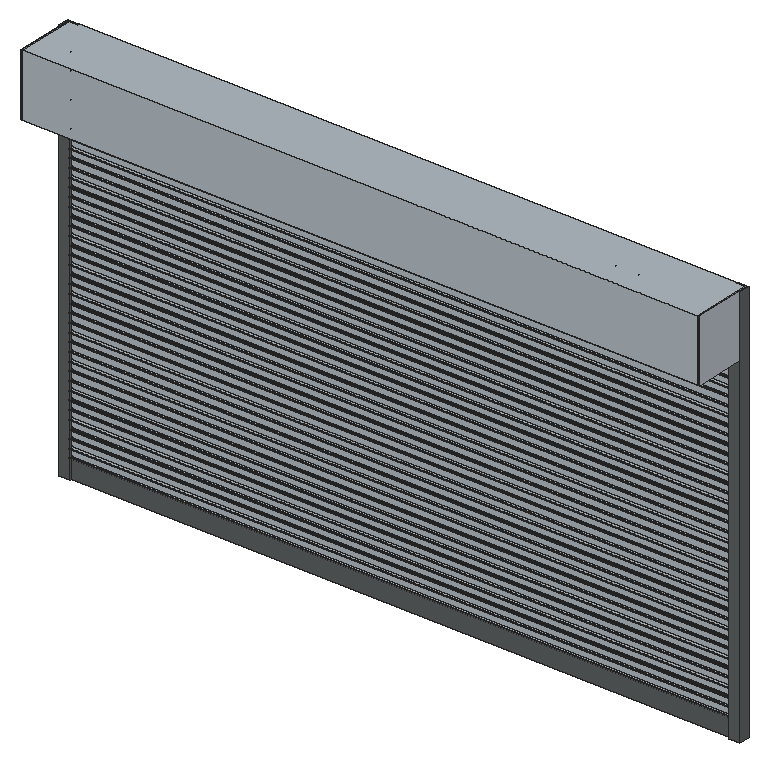
Revit family "Doors_Fire-Doors-Shutters_Wayne-Dalton_Fire-Rated-Counter-Shutters-FireStar-Model-540", category Specialty Equipment, host Wall, Revit 2026
Family settings
  Host = Wall
  Round Connector Dimension = Use Diameter
  Part Type = Normal
  Classification Number = 23.30.10.21.34
  Enable Cutting in Views = No
  Always vertical = Yes
  Cut with Voids When Loaded = Yes
  Maintain Annotation Orientation = No
  Shared = No
  Room Calculation Point = No
Parameters (values of type "‏​Manual push-up")
  Width Count [instance] = if(Aluminum Check, if(or(Crank, Manual), if(Opening Width < 121", 10, 16), if(Opening Width < 121", 10, if(Opening Width < 193", 16, 20))), if(Opening Width < 121", 10, 16))  # 10
  Warning Sign [instance] = if(or(Hood Warning, Calculated Area > 683.00 SF), 1 = 1, 1 = 2)  # no
  Warning (Note) [instance] = if(Warning Sign, "The Door Area is out of the limit; please adjust accordingly. The maximum allowed area is 683 sq. ft.", if(Hood Warning, "Headroom Clearance Dimensions - out of the limits. Consult Factory", " "))  # " "
  Wall Thickness [instance] = 6"
  Voltage = 0 V
  True Opening Width [instance] = if(Between Jambs Mounting, Door Width True, Clear Width)  # 120"
  True Opening Height [instance] = if(Between Jambs Mounting, Clear Height + Headroom Height, Clear Height)  # 60"
  Slat Type [instance] = "№17"  # constant formula
  Slat Length [instance] = Clear Width + Setback  # 122 1/2"
  Slat Height [instance] = if(Slat Selection < 3, 11 51/256", 10 1/2")  # 11 51/256"
  Slat Center Offset [instance] = 1 7/16"  # constant formula
  Slat Selection [instance] = 1  # constant formula
  Side Room Right [instance] = if(Electric Operator, 8", if(Crank, 5", 3"))  # 3"
  Side Room Left [instance] = 3"  # constant formula
  Setback [instance] = if(Between Jambs Mounting, 1 3/4", 1 3/4" + 3/4")  # 2 1/2"
  Product Page URL = "https://www.wayne-dalton.com/fire-counter-shutter-540-550"
  Power Factor = 1
  Powder Coat (Note) = "Wayne Dalton also offers approximately 200 RAL powder coat options to complement the exterior colors of a building."  # constant formula
  Operator Visibility = no
  Operation (Note) [instance] = "Standard door operation is manual push-up. Door could also operate by crank, electrical operator or chain hoist. Manual push up and crank could be used up to 80 sf."  # constant formula
  Opening Width Real [instance] = if(Opening Width > Max Opening Width, Max Opening Width, if(Opening Width < Min Opening Width, Min Opening Width, Opening Width))  # 120"
  Opening Width [instance] = 120"
  Opening Height Real [instance] = if(Opening Height > Max Opening Height, Max Opening Height, if(Opening Height < Min Opening Height, Min Opening Height, Opening Height))  # 60"
  Opening Height [instance] = 60"
  One Array element [instance] = not(Array Vis)  # no
  Number of Poles = 1
  Motor Type [instance] = "GCX Electric Operator"  # constant formula
  Motor Selection (Note) [instance] = "Generic operator shown. Contact Wayne Dalton when dimensions are critical. "  # constant formula
  Motor Position [instance] = Headplate Offset  # 2 5/8"
  Motor Option Real [instance] = 1  # constant formula
  Min Opening Width [instance] = 40"  # constant formula
  Min Opening Height [instance] = 40"  # constant formula
  Max Opening Width [instance] = 192"  # constant formula
  Max Opening Height [instance] = 108"  # constant formula
  Material Finish [instance] = 540 : Steel - Gray
  Lookup Table = "Hood Dimensions"  # constant formula
  Lookup BD [instance] = size_lookup(Lookup Table, if(Manual, "YM", if(Crank, "YC", "YE")), 10", Width Count, Height Count, if(Aluminum Check, 1, 0))  # 11 1/8"
  Jambs Offset 2 [instance] = if(Between Jambs Mounting, Guide Width 2, 0")  # 0"
  Jamb Offset 1 [instance] = if(Between Jambs Mounting, Guide Width 1, 0")  # 0"
  Installation Real [instance] = if(Between Jambs Mounting, Installation Limits, Wall Thickness)  # 6"
  Installation Offset [instance] = 0"
  Installation Limits [instance] = if(Installation Offset < 0", 0", if(Installation Offset > Wall Thickness - Guide Depth, Wall Thickness - Guide Depth, Installation Offset))  # 0"
  Hood Warning [instance] = size_lookup(Lookup Table, if(Manual, "WM", if(Crank, "WC", "WE")), 0, Width Count, Height Count, if(Aluminum Check, 1, 0)) = 1  # no
  Hood Type [instance] = "Square Hood"  # constant formula
  Hood Option [instance] = 2  # constant formula
  Hood Offset [instance] = 3"  # constant formula
  Hood Material [instance] = Metal - Wayne Dalton - Gray
  Hood Height [instance] = Headroom Height Real - Hood Offset  # 11 1/2"
  Lookup HH [instance] = size_lookup(Lookup Table, if(Manual, "XM", if(Crank, "XC", "XE")), 10", Width Count, Height Count, if(Aluminum Check, 1, 0))  # 11 1/2"
  Height Count [instance] = if(Opening Height < 49", 4, if(Opening Height < 61", 5, if(Opening Height < 73", 6, 7)))  # 5
  Headroom Height Real [instance] = Lookup HH + Hood Offset  # 14 1/2"
  Headroom Height [instance] = Headroom Height Real  # 14 1/2"
  Headplate Offset [instance] = if(Between Jambs Mounting, 2" - 1/8", 2" - 1/8" + 3/4")  # 2 5/8"
  Guide Type [instance] = if(Between Jambs Mounting, "Between Jambs Rolled Steel", "Face of Wall Rolled Steel")  # "Face of Wall Rolled Steel"
  Guide Width 2 [instance] = if(Between Jambs Mounting, Side Room Left, 2 3/4")  # 2 3/4"
  Guide Width 1 [instance] = if(Between Jambs Mounting, Side Room Right, 2 3/4")  # 2 3/4"
  Guide Depth [instance] = 2"  # constant formula
  Frequency = 0 Hz
  Floor To CL shaft [instance] = Clear Height + Hood Height / 2 + Hood Offset  # 68 3/4"
  Face of Wall Offset [instance] = if(Between Jambs Mounting, 0", 5")  # 5"
  Face Of Wall Mounting [instance] = not(Between Jambs Mounting)  # yes
  Electric Operator = no
  Door Width True [instance] = if(Between Jambs Mounting, Clear Width + Guide Width 1 + Guide Width 2, Clear Width)  # 120"
  Door Width (Real) [instance] = if(Between Jambs Mounting, Clear Width, Clear Width + Setback * 2)  # 125"
  Door Height True [instance] = Clear Width + Headroom Height  # 134 1/2"
  Door Height (Real) [instance] = Clear Height + Hood Offset  # 63"
  URL = "https://www.wayne-dalton.com/"
  Product data url = "https://www.bimobject.com/wayne-dalton/product/fire-rated-counter-shutters-firestar-model-540"
  Product Guid = "1921f86f-db44-4d7a-8f35-b5c0a0cfdcec"
  Model = "540"  # constant formula
  Manufacturer = "Wayne Dalton"  # constant formula
  Wall Closure = By host
  Floor To (CL) of Shaft [instance] = Clear Height + Hood Height / 2 + Hood Offset + Default Elevation Height + Countertop Thickness Real  # 104 3/4"
  Finish Material = Finish - Wayne Dalton - Black
  Description = "Firestar Model 540 Fire Rated Counter Shutter"  # constant formula
  Default Elevation Height [instance] = 36"
  Default Elevation = 0"
  Crank = no
  Countertop Thickness Real [instance] = if(Countertop Thickness < 0", 0", if(Countertop Thickness > 12", 12", Countertop Thickness))  # 0"
  Countertop Thickness [instance] = 0"
  Clearance [instance] = no
  Clear Width [instance] = if(Between Jambs Mounting, Opening Width Real - Guide Width 2 - Guide Width 1, Opening Width Real)  # 120"
  Clear Height [instance] = if(Between Jambs Mounting, Opening Height Real - Headroom Height, Opening Height Real)  # 60"
  Manual = yes
  Current = 0 A
  Between Jambs Mounting [instance] = no
  Backroom Depth [instance] = Lookup BD  # 11 1/8"
  BJ Opening Cut [instance] = if(Between Jambs Mounting, Headroom Height, 0")  # 0"
  Array Vis [instance] = if(Array < 2, 1 = 2, 1 = 1)  # yes
  Array Real [instance] = if(Array < 2, 2, Array)  # 6
  Array Length [instance] = (Array) * Slat Height  # 67 25/128"
  Array [instance] = rounddown(([Door Height (Real)] - 3 1/2") / Slat Height) + 1  # 6
  Calculated Area [instance] = [Door Width (Real)] * [Door Height (Real)]  # 54.6875 SF
  Apparent Load Phase 3 = if(Number of Poles = 1, 0 VA, (Voltage * Current * sqrt(3)) / 3)  # 0 VA
  Apparent Load Phase 2 = if(Number of Poles = 1, 0 VA, (Voltage * Current * sqrt(3)) / 3)  # 0 VA
  Apparent Load Phase 1 = if(Number of Poles = 1, Voltage * Current, (Voltage * Current * sqrt(3)) / 3)  # 0 VA
  Aluminum Check [instance] = 1 = 2  # no
Reference planes (in)
  plane 1 "Center (Front/Back)": y = -14.625
  plane 2 "Center (Left/Right)": x = 0
  plane 3 "Left": x = -60
  plane 4 "Right": x = 60
  plane 5 "Exterior": y = -8.625
  plane 6 "Interior": y = -14.625
  plane 7: z = 96
  plane 8 "Backroom Depth": y = -25.75
  plane 9 "Bottom Bar": z = 39.5
  plane 10: z = 106.69531
  plane 11: z = 110.5
  plane 12: z = 99
  plane 13: z = 0
  plane 14: z = 66
  plane 15: y = -16.3125
  plane 16: y = 18.375
  plane 17: y = -41.625
  plane 18 "Headroom Top": z = 110.5
  plane 19: z = 104.75
  plane 20: z = 95.49609
  plane 21: z = 36
  plane 22: x = 62.75
  plane 23: x = -62.75
  plane 24: y = -16.0625
  plane 25: x = 62.625
  plane 26: z = 36
  plane 27: y = -16.3125
  plane 28: z = 39.5
  plane 29: y = -16.3125
  plane 30: z = 95.49609
  plane 31: y = -16.3125
  plane 32: z = 50.69922
  plane 33: y = -16.3125
  plane 34: z = 61.89844
  plane 35: y = -16.3125
  plane 36: z = 73.09766
  plane 37: y = -16.3125
  plane 38: z = 84.29687
Forms (in)
  Extrusion 1, void
    sketch origin (0, -20.625, 0) x (0, 0, -1) y (-1, 0, 0)
      loop
        line (-96, 60) -> (-96, -60) -> (-36, -60) -> (-36, 60) -> (-96, 60)
    from 6 to 12
  Extrusion 2, solid, material "Clearance - Wayne Dalton - Red", visible <- "Clearance"
    sketch origin (-137.2887, -12, 36) x (-1, 0, 0) y (0, -1, 0)
      loop
        line (-197.2887, 4.625) -> (-200.2887, 4.625) -> (-200.2887, 2.625) -> (-197.2887, 2.625) -> (-197.2887, 4.625)
      loop
        line (-77.2887, 4.625) -> (-77.2887, 2.625) -> (-74.2887, 2.625) -> (-74.2887, 4.625) -> (-77.2887, 4.625)
    from 0 to 63
Text (in)
  text "Exterior" at (-74.96733, 27.31104, 0), in view "Ref. Level"
  text "Interior" at (-74.96733, -25.14366, 0), in view "Ref. Level"
  text "Exterior" at (0, 40.15149, 123.01588), in view "Right"
  text "Interior" at (0, -64.39139, 123.01588), in view "Right"
  text "Interior" at (0, -31.01599, 123.00693), in view "Left"
  text "Exterior" at (0, 54.57065, 123.00693), in view "Left"
Dimensions and locks (in)
  equal spacing: plane 3 "Left", plane 2 "Center (Left/Right)", plane 4 "Right"
  "Clear Width": plane 3 "Left" to plane 4 "Right"
  level to host wall = 459.59655"
  "Array Length": plane 10 to plane 9 "Bottom Bar"
  "Backroom Depth": plane 8 "Backroom Depth" to plane 1 "Center (Front/Back)"
  "Hood Height": plane 11 to plane 12
  "Installation Real": plane 1 "Center (Front/Back)" to plane 5 "Exterior"
  "Wall Thickness": host wall to host wall
  equal spacing: plane 16, host wall, plane 17
  locked: plane 16 to plane 17 at 60
  "BJ Opening Cut": Extrusion 1 sketch curve to plane 7
  "Hood Offset": plane 12 to plane 7
  "Headroom Height": plane 18 "Headroom Top" to plane 7
  "Floor To (CL) of Shaft": plane 19 to level
  "Jamb Offset 1": plane 4 "Right" to Extrusion 1 sketch curve
  "Jambs Offset 2": Extrusion 1 sketch curve to plane 3 "Left"
  "Slat Height": plane 10 to plane 20
  equal spacing: group 1, group 3, group 4, group 5, group 6, group 2  (x3)
  equal spacing: plane 7, plane 14, plane 21
  "Clear Height": plane 7 to plane 21
  locked: plane 9 "Bottom Bar" to plane 21 at 3.5
  "Guide Width 1": plane 4 "Right" to plane 22
  "Guide Width 2": plane 23 to plane 3 "Left"
  plane 23 to plane 22 = 125 1/2"
  "Slat Center Offset": plane 24 to plane 1 "Center (Front/Back)"
  locked: plane 15 to plane 24 at 0.25
  "Motor Position": plane 4 "Right" to plane 25
  "Default Elevation Height": plane 26 to plane 13
  "Countertop Thickness Real": plane 21 to plane 26
  "Side Room Left": Extrusion 2 sketch curve to Extrusion 2 sketch curve
  "Side Room Right": Extrusion 2 sketch curve to Extrusion 2 sketch curve
  locked: Extrusion 2 sketch curve to Extrusion 2 sketch curve at 2
  aligned and locked: plane 5 "Exterior" to host wall
  aligned and locked: host wall to plane 6 "Interior"
  aligned and locked: Extrusion 1 to plane 5 "Exterior"
  aligned and locked: plane 6 "Interior" to Extrusion 1
  aligned and locked: level to plane 13
  aligned and locked: plane 2 "Center (Left/Right)" to nested 1
  aligned and locked: nested 1 to plane 16
  aligned and locked: plane 17 to nested 2
  aligned and locked: nested 2 to plane 2 "Center (Left/Right)"
  aligned and locked: plane 2 "Center (Left/Right)" to nested 3
  aligned and locked: nested 3 to plane 15
  aligned and locked: plane 2 "Center (Left/Right)" to nested 10
  aligned and locked: plane 1 "Center (Front/Back)" to nested 10
  aligned and locked: plane 25 to nested 11
  aligned and locked: plane 11 to nested 11
  aligned and locked: plane 5 "Exterior" to nested 11
  aligned and locked: Extrusion 1 sketch curve to plane 26
  aligned and locked: plane 9 "Bottom Bar" to plane 28
  aligned and locked: plane 27 to plane 15
  aligned and locked: plane 20 to plane 30
  aligned and locked: plane 29 to plane 15
  aligned and locked: plane 14 to nested 3
  aligned and locked: Extrusion 2 sketch curve to plane 4 "Right"
  aligned and locked: Extrusion 2 sketch curve to plane 3 "Left"
  aligned and locked: Extrusion 2 sketch curve to plane 1 "Center (Front/Back)"  (x2)
  aligned and locked: Extrusion 2 sketch curve to Extrusion 2 sketch curve
  aligned and locked: Extrusion 2 to plane 21
  aligned and locked: plane 12 to Extrusion 2
Nested families (in)
  nested 1: "Label Annotation 1" at (0, 18.375, 0), visible <- "Warning Sign", type "Label Annotation 1"
  nested 2: "Label Annotation 1" at (0, -41.625, 0) x (-1, 0, 0) z (0, 0, 1), visible <- "Warning Sign", type "Label Annotation 1"
  nested 3: "Warning Sign" at (0, -16.3125, 66), visible <- "Warning Sign", type "Warning Sign"
    with Warning Sign no
  nested 4: "540" at (0, -16.312, 39.5), Opening Width <- "Slat Length", type <- "Material Finish", Slat Option <- "Slat Selection", type "Steel - Gray"
    with Void Offset 1", Void Height 3/4", Step 1.6", Slat Width 1/2", Slat Position + Offset 11.795", Slat Position 11.2", Slat Option 1, Secure-Vent no, Profile #17 yes, Perforation no, Opening Width 122 1/2", Integrated Cutout no, Fenestration no, Extruded Alum Profile no, Cutout Width Offset 1", Cutout Vertical Offset 0.595", # 17 yes
  nested 5: "540" at (0, -16.312, 95.49609), Opening Width <- "Slat Length", type <- "Material Finish", Slat Option <- "Slat Selection", type "Steel - Gray"
    with Void Offset 1", Void Height 3/4", Step 1.6", Slat Width 1/2", Slat Position + Offset 11.795", Slat Position 11.2", Slat Option 1, Secure-Vent no, Profile #17 yes, Perforation no, Opening Width 122 1/2", Integrated Cutout no, Fenestration no, Extruded Alum Profile no, Cutout Width Offset 1", Cutout Vertical Offset 0.595", # 17 yes
  nested 6: "540" at (0, -16.312, 50.69922), Opening Width <- "Slat Length", type <- "Material Finish", Slat Option <- "Slat Selection", type "Steel - Gray"
    with Void Offset 1", Void Height 3/4", Step 1.6", Slat Width 1/2", Slat Position + Offset 11.795", Slat Position 11.2", Slat Option 1, Secure-Vent no, Profile #17 yes, Perforation no, Opening Width 122 1/2", Integrated Cutout no, Fenestration no, Extruded Alum Profile no, Cutout Width Offset 1", Cutout Vertical Offset 0.595", # 17 yes
  nested 7: "540" at (0, -16.312, 61.89844), Opening Width <- "Slat Length", type <- "Material Finish", Slat Option <- "Slat Selection", type "Steel - Gray"
    with Void Offset 1", Void Height 3/4", Step 1.6", Slat Width 1/2", Slat Position + Offset 11.795", Slat Position 11.2", Slat Option 1, Secure-Vent no, Profile #17 yes, Perforation no, Opening Width 122 1/2", Integrated Cutout no, Fenestration no, Extruded Alum Profile no, Cutout Width Offset 1", Cutout Vertical Offset 0.595", # 17 yes
  nested 8: "540" at (0, -16.312, 73.09766), Opening Width <- "Slat Length", type <- "Material Finish", Slat Option <- "Slat Selection", type "Steel - Gray"
    with Void Offset 1", Void Height 3/4", Step 1.6", Slat Width 1/2", Slat Position + Offset 11.795", Slat Position 11.2", Slat Option 1, Secure-Vent no, Profile #17 yes, Perforation no, Opening Width 122 1/2", Integrated Cutout no, Fenestration no, Extruded Alum Profile no, Cutout Width Offset 1", Cutout Vertical Offset 0.595", # 17 yes
  nested 9: "540" at (0, -16.312, 84.29688), Opening Width <- "Slat Length", type <- "Material Finish", Slat Option <- "Slat Selection", type "Steel - Gray"
    with Void Offset 1", Void Height 3/4", Step 1.6", Slat Width 1/2", Slat Position + Offset 11.795", Slat Position 11.2", Slat Option 1, Secure-Vent no, Profile #17 yes, Perforation no, Opening Width 122 1/2", Integrated Cutout no, Fenestration no, Extruded Alum Profile no, Cutout Width Offset 1", Cutout Vertical Offset 0.595", # 17 yes
  nested 10: "Lifts" at (0, -14.625, 36) x (-1, 0, 0) z (0, 0, 1), type "Frame Unit"
    with Floor To (CL) of Shaft 68 3/4"
  nested 11: "Motor" at (62.1855, -25.75, 99), visible <- "Operator Visibility", type "Trolley Motor"
Connectors (in)
  electrical at (62.625, -20.1875, 104.75), driven by "Apparent Load Phase 1", driven by "Power Factor", driven by "Apparent Load Phase 3", driven by "Apparent Load Phase 2", driven by "Voltage", driven by "Number of Poles"
    settings: on nested 11, index 1, voltage 0 V, apparent load 0 VA, apparent load phase1 0 VA, apparent load phase2 0 VA, apparent load phase3 0 VA, power factor 1, load classification "Other", number of poles 1, system type 31, power factor state 1, is connector primary yes, connector utility no, sub classification motor no, connector description "Electrical Connector"
Definition of nested family "540"
  Parameters (values of type "Steel - Gray")
    Void Offset [instance] = if(Integrated Cutout, 0", 1")  # 1"
    Void Height [instance] = if([Secure-Vent], 1.4", 3/4")  # 3/4"
    Step [instance] = if(Slat Option < 3, 1.6", 1 1/2")  # 1.6"
    Standard = yes
    Slat Width [instance] = 1/2"  # constant formula
    Slat Position + Offset [instance] = Slat Position + Cutout Vertical Offset  # 11.795"
    Slat Position [instance] = if(Slat Option < 3, 1.6" * 7, 1 1/2" * 7)  # 11.2"
    Slat Option [instance] = 1
    Secure-Vent [instance] = if(Slat Option = 2, 1 = 1, 1 = 2)  # no
    Rough Height = 0"
    Profile #17 [instance] = or(# 17, [Secure-Vent])  # yes
    Perforation [instance] = [Secure-Vent]  # no
    Fenestration [instance] = if(and(Integrated Cutout, not(Perforation)), 1 = 1, 1 = 2)  # no
    Extruded Alum Profile [instance] = if(Slat Option > 2, 1 = 1, 1 = 2)  # no
    Cutout Width Offset [instance] = 1"  # constant formula
    Panel Material = none
    Opening Width [instance] = 123 5/8"
    Cutout Vertical Offset [instance] = 0.595"  # constant formula
    Default Elevation = 48"
    Integrated Cutout [instance] = if(Perforation, 1 = 1, 1 = 2)  # no
    Cutout Material Perforation = none
    Analytic Construction = "<None>"
    # 17 [instance] = if(Slat Option < 2, 1 = 1, 1 = 2)  # yes
  Types (4): name
    Steel - Gray
    Steel - Brown
    Steel - Biege
    Steel - White
  Reference planes (in)
    plane 1 "Center (Front/Back)": y = 0
    plane 2: z = 0
    plane 3 "Center (Left/Right)": x = 0
    plane 4: x = -61.8125
    plane 5: x = 61.8125
    plane 6: y = 0.5
    plane 7: y = 0
    plane 8: y = 0.25
    plane 9: y = 0.47
    plane 10: x = -60.8125
    plane 11: x = 60.8125
    plane 12: z = 1.6
    plane 13: z = 3.2
    plane 14: z = 4.8
    plane 15: z = 6.4
    plane 16: z = 8
    plane 17: z = 9.6
    plane 18: z = 11.2
  Forms (in)
    Extrusion 1, solid, material <- "Panel Material"
      sketch origin (0, -4.98186, 13.12534) x (0, 1, 0) y (0, 0, 1)
        loop
          arc (5.48186, -10.19465) -> (5.46788, -10.15782) -> (5.43299, -10.13954) r 0.05551
          line (5.43299, -10.13954) -> (5.28542, -10.12177) -> (5.42635, -10.12177)
          arc (5.42635, -10.12177) -> (5.4656, -10.10551) -> (5.48186, -10.06626) r 0.05551
          line (5.48186, -10.06626) -> (5.48186, -8.59465)
          arc (5.48186, -8.59465) -> (5.46788, -8.55782) -> (5.43299, -8.53954) r 0.05551
          line (5.43299, -8.53954) -> (5.28542, -8.52177) -> (5.42635, -8.52177)
          arc (5.42635, -8.52177) -> (5.4656, -8.50551) -> (5.48186, -8.46626) r 0.05551
          line (5.48186, -8.46626) -> (5.48186, -6.99465)
          arc (5.48186, -6.99465) -> (5.46788, -6.95782) -> (5.43299, -6.93954) r 0.05551
          line (5.43299, -6.93954) -> (5.28542, -6.92177) -> (5.42635, -6.92177)
          arc (5.42635, -6.92177) -> (5.4656, -6.90551) -> (5.48186, -6.86626) r 0.05551
          line (5.48186, -6.86626) -> (5.48186, -5.39465)
          arc (5.48186, -5.39465) -> (5.46788, -5.35782) -> (5.43299, -5.33954) r 0.05551
          line (5.43299, -5.33954) -> (5.28542, -5.32177) -> (5.42635, -5.32177)
          arc (5.42635, -5.32177) -> (5.4656, -5.30551) -> (5.48186, -5.26626) r 0.05551
          line (5.48186, -5.26626) -> (5.48186, -3.79465)
          arc (5.48186, -3.79465) -> (5.46788, -3.75782) -> (5.43299, -3.73954) r 0.05551
          line (5.43299, -3.73954) -> (5.28542, -3.72177) -> (5.42635, -3.72177)
          arc (5.42635, -3.72177) -> (5.4656, -3.70551) -> (5.48186, -3.66626) r 0.05551
          line (5.48186, -3.66626) -> (5.48186, -2.19465)
          arc (5.48186, -2.19465) -> (5.46788, -2.15782) -> (5.43299, -2.13954) r 0.05551
          line (5.43299, -2.13954) -> (5.16194, -2.10689)
          arc (5.16194, -2.10689) -> (5.14042, -2.08085) -> (5.16536, -2.05806) r 0.02451
          arc (5.16536, -2.05806) -> (5.20184, -1.81095) -> (4.98186, -1.92928) r 0.13976
          line (4.98186, -1.92928) -> (4.98186, -2.09641)
          arc (4.98186, -2.09641) -> (4.99584, -2.13324) -> (5.03073, -2.15152) r 0.05551
          line (5.03073, -2.15152) -> (5.42186, -2.19863) -> (5.42186, -3.66177) -> (5.1519, -3.66177)
          arc (5.1519, -3.66177) -> (5.20745, -3.4151) -> (4.98186, -3.52928) r 0.13976
          line (4.98186, -3.52928) -> (4.98186, -3.69641)
          arc (4.98186, -3.69641) -> (4.99584, -3.73324) -> (5.03073, -3.75152) r 0.05551
          line (5.03073, -3.75152) -> (5.42186, -3.79863) -> (5.42186, -5.26177) -> (5.1519, -5.26177)
          arc (5.1519, -5.26177) -> (5.20745, -5.0151) -> (4.98186, -5.12928) r 0.13976
          line (4.98186, -5.12928) -> (4.98186, -5.29641)
          arc (4.98186, -5.29641) -> (4.99584, -5.33324) -> (5.03073, -5.35152) r 0.05551
          line (5.03073, -5.35152) -> (5.42186, -5.39863) -> (5.42186, -6.86177) -> (5.1519, -6.86177)
          arc (5.1519, -6.86177) -> (5.20745, -6.6151) -> (4.98186, -6.72928) r 0.13976
          line (4.98186, -6.72928) -> (4.98186, -6.89641)
          arc (4.98186, -6.89641) -> (4.99584, -6.93324) -> (5.03073, -6.95152) r 0.05551
          line (5.03073, -6.95152) -> (5.42186, -6.99863) -> (5.42186, -8.46177) -> (5.1519, -8.46177)
          arc (5.1519, -8.46177) -> (5.20745, -8.2151) -> (4.98186, -8.32928) r 0.13976
          line (4.98186, -8.32928) -> (4.98186, -8.49641)
          arc (4.98186, -8.49641) -> (4.99584, -8.53324) -> (5.03073, -8.55152) r 0.05551
          line (5.03073, -8.55152) -> (5.42186, -8.59863) -> (5.42186, -10.06177) -> (5.1519, -10.06177)
          arc (5.1519, -10.06177) -> (5.20745, -9.8151) -> (4.98186, -9.92928) r 0.13976
          line (4.98186, -9.92928) -> (4.98186, -10.09641)
          arc (4.98186, -10.09641) -> (4.99584, -10.13324) -> (5.03073, -10.15152) r 0.05551
          line (5.03073, -10.15152) -> (5.42186, -10.19863) -> (5.42186, -11.66177) -> (5.1519, -11.66177)
          arc (5.1519, -11.66177) -> (5.20745, -11.4151) -> (4.98186, -11.52928) r 0.13976
          line (4.98186, -11.52928) -> (4.98186, -11.69641)
          arc (4.98186, -11.69641) -> (4.99584, -11.73324) -> (5.03073, -11.75152) r 0.05551
          line (5.03073, -11.75152) -> (5.42186, -11.79863) -> (5.42186, -13.26177) -> (5.15165, -13.26177)
          arc (5.15165, -13.26177) -> (5.20906, -13.01644) -> (4.98186, -13.12534) r 0.1397
          line (4.98186, -13.12534) -> (4.98186, -13.26626)
          arc (4.98186, -13.26626) -> (4.99812, -13.30551) -> (5.03737, -13.32177) r 0.05551
          line (5.03737, -13.32177) -> (5.42635, -13.32177)
          arc (5.42635, -13.32177) -> (5.4656, -13.30551) -> (5.48186, -13.26626) r 0.05551
          line (5.48186, -13.26626) -> (5.48186, -11.79465)
          arc (5.48186, -11.79465) -> (5.46788, -11.75782) -> (5.43299, -11.73954) r 0.05551
          line (5.43299, -11.73954) -> (5.28542, -11.72177) -> (5.42635, -11.72177)
          arc (5.42635, -11.72177) -> (5.4656, -11.70551) -> (5.48186, -11.66626) r 0.05551
          line (5.48186, -11.66626) -> (5.48186, -10.19465)
      from -61.8125 to 61.8125
  Lines and regions (in)
    reference lines
      curve 1: line (0, -4.98186, 12.78) -> (0, 9.9577, 12.78)
      curve 2: line (0, -2.86663, 11.795) -> (0, 7.60337, 11.795)
      curve 3: line (0, -2.86663, 8.595) -> (0, 7.60337, 8.595)
      curve 4: line (0, -2.86663, 5.395) -> (0, 7.60337, 5.395)
      curve 5: line (0, -2.86663, 3.795) -> (0, 7.60337, 3.795)
      curve 6: line (0, -2.86663, 0.595) -> (0, 7.60337, 0.595)
      curve 7: line (0, -2.86663, 2.195) -> (0, 7.60337, 2.195)
      curve 8: line (0, -2.86663, 10.195) -> (0, 7.60337, 10.195)
      curve 9: line (0, -2.86663, 6.995) -> (0, 7.60337, 6.995)
  Dimensions and locks (in)
    equal spacing: plane 4, plane 3 "Center (Left/Right)", plane 5
    "Opening Width": plane 4 to plane 5
    "Slat Width": plane 1 "Center (Front/Back)" to plane 6
    equal spacing: plane 1 "Center (Front/Back)", plane 8, plane 6
    locked: plane 9 to plane 6 at 0.03
    "Cutout Width Offset": plane 4 to plane 10
    "Cutout Width Offset": plane 5 to plane 11
    locked: curve 1 to level at 12.78
    "Slat Position": curve 6 to curve 2
    "Cutout Vertical Offset": curve 6 to plane 2
    equal spacing: curve 6, curve 7, curve 5, curve 4, curve 9, curve 3, curve 8, curve 2
    equal spacing: plane 18, plane 17, plane 16, plane 15, plane 14, plane 13, plane 12, plane 2
    "Step": plane 12 to level
    locked: plane 13 to Extrusion 1 sketch curve at 0.13642
    locked: plane 12 to Extrusion 1 sketch curve at 0.13642
    locked: plane 14 to Extrusion 1 sketch curve at 0.13642
    locked: plane 15 to Extrusion 1 sketch curve at 0.13642
    locked: plane 16 to Extrusion 1 sketch curve at 0.13642
    locked: plane 17 to Extrusion 1 sketch curve at 0.13642
    locked: Extrusion 1 sketch curve to plane 18 at 0
    radius of Extrusion 1 sketch curve = 0.1397"
    radius of Extrusion 1 sketch curve = 0.13976"  (x7)
    radius of Extrusion 1 sketch curve = 0.05551"  (x22)
    aligned and locked: plane 2 to level
    aligned and locked: plane 1 "Center (Front/Back)" to plane 7
    aligned and locked: plane 5 to Extrusion 1
    aligned and locked: plane 4 to Extrusion 1
  Automatic sketch dimensions
    plane 1 "Center (Front/Back)" to curve 1 = 4.98186"
    plane 1 "Center (Front/Back)" to curve 9 = 2.86663"
    curve 1 to curve 2 = 2.11523"
    plane 1 "Center (Front/Back)" to curve 7 = 2.86663"
    curve 3 to curve 9 = 0"
    curve 6 to curve 7 = 0"
    curve 4 to curve 9 = 0"
    curve 8 to curve 2 = 0"  (x2)
    curve 5 to curve 4 = 0"  (x2)
    curve 3 to plane 6 = 7.10337"
    curve 6 to plane 6 = 7.10337"
    curve 2 to curve 3 = 0"
    curve 7 to curve 6 = 0"
    curve 4 to curve 3 = 0"
    curve 9 to curve 3 = 0"
    curve 2 to curve 1 = 2.35433"
    curve 1 to Extrusion 1 sketch curve = 4.98186"
    Extrusion 1 sketch curve to Extrusion 1 sketch curve = 0"  (x21)
    Extrusion 1 sketch curve to Extrusion 1 sketch curve = 0.00664"  (x14)
    Extrusion 1 sketch curve to Extrusion 1 sketch curve = 0.1397"  (x7)
    Extrusion 1 sketch curve to Extrusion 1 sketch curve = 0.11428"
    Extrusion 1 sketch curve to Extrusion 1 sketch curve = 0.11453"  (x6)
    Extrusion 1 sketch curve to Extrusion 1 sketch curve = 0.12457"
    Extrusion 1 sketch curve to Extrusion 1 sketch curve = 0.00293"
    Extrusion 1 sketch curve to Extrusion 1 sketch curve = 0.13352"  (x6)
    Extrusion 1 sketch curve to Extrusion 1 sketch curve = 0.13644"  (x2)
    Extrusion 1 sketch curve to Extrusion 1 sketch curve = 0.00449"  (x13)
    Extrusion 1 sketch curve to Extrusion 1 sketch curve = 0.00398"  (x3)
    Extrusion 1 sketch curve to Extrusion 1 sketch curve = 0.16713"  (x2)
    Extrusion 1 sketch curve to Extrusion 1 sketch curve = 0.03464"  (x5)
    Extrusion 1 sketch curve to Extrusion 1 sketch curve = 1.32671"
    Extrusion 1 sketch curve to Extrusion 1 sketch curve = 0.14091"
    Extrusion 1 sketch curve to Extrusion 1 sketch curve = 0.02433"
Definition of nested family "Lifts"
  Parameters (values of type "Frame Unit")
    Void Offset = 0"  # constant formula
    Steel Guide Real = 1 = 2  # no
    Slat Center = 1.438"  # constant formula
    Side Room Right = 3"
    Side Room Left = 3"
    Rough Width = 0"
    Rough Height = 0"
    Rolled Setback = if(Between Jambs, 0", 3/4")  # 3/4"
    Rolled Guide SS = if(Between Jambs, Side Room Left, 2")  # 2"
    Rolled Guide ES = if(Between Jambs, Side Room Right, 2")  # 2"
    Real Setback = if(Aluminum Guide Real, Extruded Setback, Rolled Setback)  # 3/4"
    Opening Width = 120"
    Manual + Crank = if(or(Manual, Crank), 1 = 1, 1 = 2)  # yes
    Manual = yes
    Hood Offset = 3"
    Hood Material = none
    Headroom Height = 14 1/2"
    Headplate 2 Offset = if(Between Jambs, 2" - 1/8", 2" - 1/8" + Real Setback)  # 2 5/8"
    Headplate 1 Offset = if(Between Jambs, 2" - 1/8", 2" - 1/8" + Real Setback)  # 2 5/8"
    Header Width = 11 1/8"
    Opening Height = 60"
    Guide Offset 2 = if(Steel Guide Real, Rolled Setback + Rolled Guide SS, Extruded Setback + Extruded SS)  # 2 3/4"
    Guide Offset 1 = if(Steel Guide Real, Rolled Setback + Rolled Guide ES, Extruded Setback + Extruded ES)  # 2 3/4"
    Floor To (CL) of Shaft [instance] = Opening Height + (Headroom Height + Hood Offset) / 2  # 68 3/4"
    Finish Material = none
    Face Of Wall Mounting = not(Between Jambs)  # yes
    Extruded Setback = if(Between Jambs, 0", 3/4")  # 3/4"
    Extruded SS = if(Between Jambs, Side Room Left, 2")  # 2"
    Extruded ES = if(Between Jambs, Side Room Right, 2")  # 2"
    Electric Operator = no
    Default Elevation = 48"
    Crank = no
    Bottom Bar = if(Between Jambs, 1 5/8", 1 5/8" + if(Aluminum Guide Real, Extruded Setback, Rolled Setback))  # 2 3/8"
    Between Jambs = no
    Bar = 1 = 2  # no
    BJ Position = 0"  # constant formula
    Aluminum Guide Real = 1 = 1  # yes
  Reference planes (in)
    plane 1 "Center (Front/Back)": y = 0
    plane 2: z = 0
    plane 3 "Center (Left/Right)": x = 0
    plane 4 "Opening Height": z = 60
    plane 5: z = 74.5
    plane 6: y = 11.125
    plane 7 "Real Opening 2": x = -60
    plane 8 "Real Opening 1": x = 60
    plane 9: z = 63
    plane 10 "Main": y = 0
    plane 11: z = 68.75
    plane 12 "Guide 2": x = 62.75
    plane 13 "Guide 1": x = -62.75
    plane 14: x = 62.375
    plane 15: x = -62.375
    plane 16 "Headplate": x = -62.625
    plane 17: x = 62.625
    plane 18 "Masking": z = 76
    plane 19: x = -62.375
    plane 20: x = 62.375
  Forms (in)
    Extrusion 1, solid, material <- "Finish Material"
      sketch origin (0, 1.438, -2.69619) x (0, 0, 1) y (0, -1, 0)
        loop
          line (6.19619, 0.25) -> (2.69619, 0.25) -> (2.69619, -0.25) -> (6.19619, -0.25) -> (6.19619, 0.25)
      from -62.375 to 62.375
    Extrusion 2, solid, material <- "Hood Material"
      sketch origin (0, 0, 60) x (-1, 0, 0) y (0, -1, 0)
        loop
          line (62.375, 0) -> (-62.375, 0) -> (-62.375, -11.125) -> (62.375, -11.125) -> (62.375, 0)
      from 3 to 14.5
    Extrusion 3, solid, material <- "Hood Material", visible <- "Bar"
      sketch origin (0, 1.438, -2.69619) x (0, 0, 1) y (0, -1, 0)
        loop
          line (78.69619, 1.438) -> (77.19619, 1.438) -> (77.19619, 1.188) -> (78.69619, 1.188) -> (78.69619, 1.438)
      from -62.375 to 62.375
    Extrusion 4, void
      sketch origin (0, 1.438, -2.69619) x (0, 0, 1) y (0, -1, 0)
        loop
          line (77.19619, 1.438) -> (65.69619, 1.438) -> (65.69619, -9.687) -> (77.19619, -9.687) -> (77.19619, 1.438)
      from -62.375 to 62.375
    Extrusion 5, solid, material <- "Hood Material"
      sketch origin (0, 1.438, -2.69619) x (0, 0, 1) y (0, -1, 0)
        loop
          line (77.19619, 1.438) -> (65.69619, 1.438) -> (65.69619, -9.687) -> (77.19619, -9.687) -> (77.19619, 1.438)
      from -62.625 to 62.625
    Extrusion 6, solid, material <- "Finish Material", visible <- "Aluminum Guide Real"
      sketch origin (0, 0, 0) x (1, 0, 0) y (0, 1, 0)
        loop
          line (62.75, 0) -> (62.75, 2) -> (60.75, 2) -> (60.75, 1.875) -> (62.375, 1.875) -> (62.375, 1) -> (61, 1)
          arc (61, 1) -> (60.82322, 0.92678) -> (60.75, 0.75) r 0.25
          line (60.75, 0.75) -> (60.75, 0.25)
          arc (60.75, 0.25) -> (60.82322, 0.07322) -> (61, 0) r 0.25
          line (61, 0) -> (62.75, 0)
        loop
          line (-62.75, 0) -> (-61, 0)
          arc (-61, 0) -> (-60.82322, 0.07322) -> (-60.75, 0.25) r 0.25
          line (-60.75, 0.25) -> (-60.75, 0.75)
          arc (-60.75, 0.75) -> (-60.82322, 0.92678) -> (-61, 1) r 0.25
          line (-61, 1) -> (-62.375, 1) -> (-62.375, 1.875) -> (-60.75, 1.875) -> (-60.75, 2) -> (-62.75, 2) -> (-62.75, 0)
      from 0 to 74.5
    Extrusion 7, void
      sketch origin (0, 1.438, -2.69619) x (0, 0, 1) y (0, -1, 0)
        loop
          line (77.19619, 1.438) -> (65.69619, 1.438) -> (65.69619, -9.687) -> (77.19619, -9.687) -> (77.19619, 1.438)
      from -62.625 to 62.625
    Extrusion 8, void
      sketch origin (0, 0, 60) x (-1, 0, 0) y (0, -1, 0)
        loop
          line (-60.75, -2) -> (-60.75, -0.125) -> (-62.625, -0.125) -> (-62.625, -2) -> (-60.75, -2)
        loop
          line (60.75, -2) -> (62.625, -2) -> (62.625, -0.125) -> (60.75, -0.125) -> (60.75, -2)
      from 3 to 14.5
    Extrusion 9, void
      sketch origin (0, 0, 60) x (-1, 0, 0) y (0, -1, 0)
        loop
          line (-60.75, -0.125) -> (-60.75, 0) -> (-62.6875, 0) -> (-62.6875, -0.125) -> (-60.75, -0.125)
        loop
          line (60.75, -0.125) -> (62.75, -0.125) -> (62.75, 0) -> (60.75, 0) -> (60.75, -0.125)
      from 0 to 14.5
  Cuts and joins
    Extrusion 4, Extrusion 9 cuts Extrusion 5
    Extrusion 9 cuts Extrusion 2
    Extrusion 8 cuts Extrusion 6
  Lines and regions (in)
    Masking region 1
      outline origin (0, 0, 0) x (1, 0, 0) y (0, 1, 0)
        loop
          line (-62.625, 0) -> (62.625, 0) -> (62.625, 11.125) -> (-62.625, 11.125) -> (-62.625, 0)
    Masking region 2, visible <- "Aluminum Guide Real"
      outline origin (0, 0, 60) x (-1, 0, 0) y (0, -1, 0)
        loop
          line (62.75, -2) -> (62.75, 0) -> (61, 0)
          arc (61, 0) -> (60.82322, -0.07322) -> (60.75, -0.25) r 0.25
          line (60.75, -0.25) -> (60.75, -0.75)
          arc (60.75, -0.75) -> (60.82322, -0.92678) -> (61, -1) r 0.25
          line (61, -1) -> (62.375, -1) -> (62.375, -1.875) -> (60.75, -1.875) -> (60.75, -2) -> (62.75, -2)
        loop
          arc (-61, -1) -> (-60.82322, -0.92678) -> (-60.75, -0.75) r 0.25
          line (-60.75, -0.75) -> (-60.75, -0.25)
          arc (-60.75, -0.25) -> (-60.82322, -0.07322) -> (-61, 0) r 0.25
          line (-61, 0) -> (-62.75, 0) -> (-62.75, -2) -> (-60.75, -2) -> (-60.75, -1.875) -> (-62.375, -1.875) -> (-62.375, -1) -> (-61, -1)
    reference lines
      curve 1: line (0, 1.438, -2.69619) -> (0, 1.438, 5.30381)
    symbolic lines, visible <- "Bar"
      curve 2: line (62.375, 0.25, 60) -> (-62.375, 0.25, 60)
    symbolic lines
      curve 3: line (62.375, 0, 60) -> (62.375, 11.125, 60)
      curve 4: line (-62.375, 0, 60) -> (-62.375, 11.125, 60)
  Dimensions and locks (in)
    "Headroom Height": plane 5 to plane 4 "Opening Height"
    "Opening Height": plane 4 "Opening Height" to level
    "Hood Offset": plane 9 to plane 4 "Opening Height"
    "BJ Position": plane 10 "Main" to plane 1 "Center (Front/Back)"
    "Header Width": plane 10 "Main" to plane 6
    "Floor To (CL) of Shaft": plane 11 to level
    "Guide Offset 2": plane 8 "Real Opening 1" to plane 12 "Guide 2"
    "Guide Offset 1": plane 13 "Guide 1" to plane 7 "Real Opening 2"
    "Slat Center": plane 10 "Main" to curve 1
    "Bottom Bar": plane 8 "Real Opening 1" to plane 14
    "Bottom Bar": plane 15 to plane 7 "Real Opening 2"
    "Headplate 2 Offset": plane 8 "Real Opening 1" to plane 17
    "Headplate 1 Offset": plane 16 "Headplate" to plane 7 "Real Opening 2"
    locked: plane 18 "Masking" to plane 5 at 1.5
    locked: plane 16 "Headplate" to plane 19 at 0.25
    locked: plane 20 to plane 17 at 0.25
    locked: plane 10 "Main" to Extrusion 3 sketch curve at 0.25
    equal spacing: plane 7 "Real Opening 2", plane 3 "Center (Left/Right)", plane 8 "Real Opening 1"
    "Opening Width": plane 7 "Real Opening 2" to plane 8 "Real Opening 1"
    Extrusion 6 sketch curve to Extrusion 6 sketch curve = 1/8"
    locked: Extrusion 6 sketch curve to Extrusion 6 sketch curve at 1.625  (x2)
    "Extruded Setback": plane 8 "Real Opening 1" to Extrusion 6 sketch curve
    "Extruded SS": Extrusion 6 sketch curve to Extrusion 6 sketch curve
    locked: Extrusion 6 sketch curve to Extrusion 6 sketch curve at 2
    "Extruded ES": Extrusion 6 sketch curve to Extrusion 6 sketch curve
    "Extruded Setback": Extrusion 6 sketch curve to plane 7 "Real Opening 2"
    locked: plane 1 "Center (Front/Back)" to Extrusion 8 sketch curve at 2  (x2)
    locked: plane 1 "Center (Front/Back)" to Extrusion 8 sketch curve at 0.125  (x2)
    "Real Setback": Extrusion 8 sketch curve to plane 7 "Real Opening 2"
    "Real Setback": plane 8 "Real Opening 1" to Extrusion 8 sketch curve
    "Rolled Setback": plane 8 "Real Opening 1" to Extrusion 9 sketch curve
    locked: Extrusion 9 sketch curve to Extrusion 9 sketch curve at 0.125  (x2)
    locked: Extrusion 9 sketch curve to Extrusion 9 sketch curve at 1.9375
    "Rolled Guide ES": Extrusion 9 sketch curve to Extrusion 9 sketch curve
    "Rolled Setback": Extrusion 9 sketch curve to plane 7 "Real Opening 2"
    "Void Offset": Extrusion 9 sketch curve to plane 1 "Center (Front/Back)"
    locked: Extrusion 6 sketch curve to Extrusion 6 sketch curve at 0.875
    aligned and locked: plane 2 to level
    aligned and locked: Extrusion 2 sketch curve to plane 6
    aligned and locked: Extrusion 2 sketch curve to plane 1 "Center (Front/Back)"
    aligned and locked: Masking region 1 sketch curve to plane 16 "Headplate"
    aligned and locked: Masking region 1 sketch curve to plane 6
    aligned and locked: Masking region 1 sketch curve to plane 1 "Center (Front/Back)"
    aligned and locked: plane 17 to Masking region 1 sketch curve
    aligned and locked: Extrusion 2 sketch curve to plane 20
    aligned and locked: Extrusion 2 sketch curve to plane 19
    aligned and locked: Extrusion 3 sketch curve to plane 10 "Main"
    aligned and locked: Extrusion 3 sketch curve to plane 18 "Masking"
    aligned and locked: Extrusion 3 sketch curve to plane 5
    aligned and locked: Extrusion 3 to curve 2
    aligned and locked: Extrusion 4 sketch curve to plane 5
    aligned and locked: Extrusion 4 sketch curve to plane 10 "Main"
    aligned and locked: Extrusion 4 sketch curve to plane 9
    aligned and locked: plane 6 to Extrusion 4 sketch curve
    aligned and locked: Extrusion 4 to plane 19
    aligned and locked: Extrusion 4 to plane 20
    aligned and locked: Extrusion 5 sketch curve to plane 10 "Main"
    aligned and locked: plane 6 to Extrusion 5 sketch curve
    aligned and locked: Extrusion 5 sketch curve to plane 5
    aligned and locked: Extrusion 5 sketch curve to plane 9
    aligned and locked: Extrusion 5 to plane 16 "Headplate"
    aligned and locked: curve 3 to plane 20
    aligned and locked: curve 4 to plane 19
    aligned and locked: curve 4 to plane 1 "Center (Front/Back)"
    aligned and locked: plane 6 to curve 4
    aligned and locked: plane 6 to curve 3
    aligned and locked: plane 1 "Center (Front/Back)" to curve 3
    aligned and locked: plane 20 to curve 2
    aligned and locked: plane 19 to curve 2
    aligned and locked: Extrusion 3 to plane 20
    aligned and locked: plane 19 to Extrusion 3
    aligned and locked: plane 17 to cut or joined group of Extrusion 4, Extrusion 5, Extrusion 9
    aligned and locked: Extrusion 6 sketch curve to Extrusion 6 sketch curve  (x3)
    aligned and locked: Extrusion 6 sketch curve to plane 10 "Main"
    aligned and locked: Extrusion 6 sketch curve to plane 1 "Center (Front/Back)"
    aligned and locked: Extrusion 6 to plane 2
    aligned and locked: plane 5 to Extrusion 6
    aligned and locked: Extrusion 7 sketch curve to plane 10 "Main"
    aligned and locked: Extrusion 7 sketch curve to plane 5
    aligned and locked: plane 6 to Extrusion 7 sketch curve
    aligned and locked: Extrusion 7 sketch curve to plane 9
    aligned and locked: plane 17 to Extrusion 7
    aligned and locked: Extrusion 7 to plane 16 "Headplate"
    aligned and locked: Extrusion 8 to plane 9
    aligned and locked: plane 5 to Extrusion 8
    aligned and locked: Extrusion 9 sketch curve to Extrusion 9 sketch curve
    aligned and locked: Extrusion 9 to plane 4 "Opening Height"
    aligned and locked: plane 5 to Extrusion 9
    aligned and locked: Extrusion 1 to plane 14
    aligned and locked: plane 15 to Extrusion 1
    aligned and locked: plane 5 to cut or joined group of Extrusion 2, Extrusion 9
    aligned and locked: cut or joined group of Extrusion 2, Extrusion 9 to plane 9
    aligned and locked: Extrusion 8 sketch curve to plane 17
    aligned and locked: plane 16 "Headplate" to Extrusion 8 sketch curve
    aligned and locked: Masking region 2 sketch curve to cut or joined group of Extrusion 6, Extrusion 8  (x16)
  Automatic sketch dimensions
    curve 1 to level = 2.69619"
    level to curve 1 = 5.30381"
    Extrusion 1 sketch curve to curve 1 = 1/4"
    curve 1 to Extrusion 1 sketch curve = 2.69619"
    curve 1 to Extrusion 1 sketch curve = 1/4"
    Extrusion 1 sketch curve to curve 1 = 1.80381"
    Extrusion 2 sketch curve to plane 20 = 0"
    Extrusion 6 sketch curve to Extrusion 6 sketch curve = 1/4"  (x4)
    Extrusion 6 sketch curve to Extrusion 6 sketch curve = 1/2"
    Extrusion 6 sketch curve to Extrusion 6 sketch curve = 1/8"
Definition of nested family "Motor"
  Parameters (values of type "Trolley Motor")
    Wall Mount RSX = if(Crank, 1 = 2, if(Motor Option = 3, 1 = 1, 1 = 2))  # no
    Wall Mount RMX = if(Crank, 1 = 2, if(Motor Option = 4, 1 = 1, 1 = 2))  # no
    Wall Mount = or(Wall Mount RMX, Wall Mount RSX)  # no
    Real Exterior Wall Offset = if(or(Wall Mount RMX, Wall Mount RSX), Displacement, Exterior Wall Offset)  # 6"
    RTM = if(Crank, 1 = 2, if(Motor Option = 2, 1 = 1, 1 = 2))  # no
    Manual = yes
    Horizontal Mount = if(or(Wall Mount RMX, Wall Mount RSX), 5.08", 0")  # 0"
    Vertical Mount = if(or(Wall Mount RMX, Wall Mount RSX), 20.03" + 6" + Hood Height / 2, Hood Height)  # 11 1/2"
    Motor Type = if(Motor Option < 2, "CDX Electric Operator", if(Motor Option = 2, "RTM Electric Operator", if(Motor Option = 3, "RSX Electric Operator", "RMX Electric Operator")))  # "CDX Electric Operator"
    Motor Option = 1
    Main Material = none
    Hood Width Real = if(or(Wall Mount RMX, Wall Mount RSX), 0", Hood Width)  # 11 1/8"
    Hood Width = 11 1/8"
    Hood Material = none
    Hood Height = 11 1/2"
    Hood Mount = if(or(Wall Mount RMX, Wall Mount RSX), 14.74", if(CDX, 4.26" + 2.55", 4.26"))  # 6.81"
    Floor To Cl Shaft = 68 3/4"
    Top Option Offset = 0"  # constant formula
    Exterior Wall Offset = 6"
    Displacement = 6"
    Default Elevation = 48"
    Crank = no
    Connector VP = if(or(Manual, Crank, RTM, CDX), Hood Height / 2, 21")  # 5 3/4"
    Connector MP = if(Manual, 0", if(CDX, -2.55", if(or(Crank, RTM), 0", -1 * (Hood Mount - 4.26"))))  # 0"
    Connector HP = if(Manual, Hood Width / 2 + Real Exterior Wall Offset, if(CDX, Hood Width + 6" + Real Exterior Wall Offset, if(Wall Mount, Horizontal Mount - Chain H Offset + Real Exterior Wall Offset, Hood Width / 2 + Real Exterior Wall Offset)))  # 11 9/16"
    Chain V Offset = if(or(Wall Mount RMX, Wall Mount RSX), 6.53", Hood Height / 2)  # 5 3/4"
    Chain H Offset = if(or(Wall Mount RMX, Wall Mount RSX), 1.19", 0")  # 0"
    CDX = if(Crank, 1 = 2, if(Motor Option = 1, 1 = 1, 1 = 2))  # yes
    BJ Displacement = 0"
    BJ = no
    Angle = 180.00°  # constant formula
  Reference planes (in)
    plane 1 "Center (Front/Back)": y = 0
    plane 2: z = 0
    plane 3 "Center (Left/Right)": x = 0
    plane 4: y = 0
    plane 5: y = 0
    plane 6 "Chain Hoist": z = 5.75
    plane 7 "Top Of Hood": z = 11.5
    plane 8: y = 0
    plane 9: z = 0
    plane 10 "Hood Face": x = 0.4395
    plane 11: x = 7.2495
    plane 12: y = 11.125
    plane 13 "Wall": y = 17.125
    plane 14: y = 5.5625
    plane 15: z = 0
    plane 16: z = 5.75
  Forms (in)
    Extrusion 1, solid, material <- "Main Material", visible <- "Wall Mount"
      sketch origin (0, 0, 18.8898) x (1, 0, 0) y (0, 1, 0)
        loop
          line (-4.134, -2.41307) -> (4.116, -2.41307) -> (4.116, -2.29347) -> (3.108, -2.29347)
          arc (3.108, -2.29347) -> (3.02315, -2.25832) -> (2.988, -2.17347) r 0.12
          line (2.988, -2.17347) -> (2.988, 4.96193) -> (-2.988, 4.96193) -> (-2.988, -2.17347)
          arc (-2.988, -2.17347) -> (-3.02315, -2.25832) -> (-3.108, -2.29347) r 0.12
          line (-3.108, -2.29347) -> (-4.134, -2.29347) -> (-4.134, -2.41307)
      from -16.64 to 0
    Extrusion 2, solid, material <- "Hood Material", visible <- "CDX"
      sketch origin (2.988, 0, 5.75) x (0, -1, 0) y (1, 0, 0)
        loop
          line (12, -13.12168) -> (12, 0.00332) -> (-4.7, 0.00332) -> (-4.7, -2.5485) -> (2, -2.5485) -> (2, -13.12168) -> (12, -13.12168)
      from 4.88 to -4.88
    Extrusion 3, solid, material <- "Main Material", visible <- "Crank"
      sketch origin (0.4395, 5.5625, 5.75) x (0, 0, -1) y (0, -1, 0)
        loop
          line (-1.66535, -2.15748) -> (1.66535, -2.15748)
          arc (1.66535, -2.15748) -> (2.01891, -2.01103) -> (2.16535, -1.65748) r 0.5
          line (2.16535, -1.65748) -> (2.16535, 0.00787)
          arc (2.16535, 0.00787) -> (1.99476, 0.85032) -> (1.50984, 1.56001) r 2.16535
          line (1.50984, 1.56001) -> (1.50984, 2.29685)
          arc (1.50984, 2.29685) -> (1.43662, 2.47363) -> (1.25984, 2.54685) r 0.25
          line (1.25984, 2.54685) -> (0.24999, 3.12987)
          arc (0.24999, 3.12987) -> (0, 3.19685) -> (-0.24999, 3.12987) r 0.5
          line (-0.24999, 3.12987) -> (-1.25984, 2.54685)
          arc (-1.25984, 2.54685) -> (-1.43662, 2.47363) -> (-1.50984, 2.29685) r 0.25
          line (-1.50984, 2.29685) -> (-1.50984, 1.56001)
          arc (-1.50984, 1.56001) -> (-1.99476, 0.85032) -> (-2.16535, 0.00787) r 2.16535
          line (-2.16535, 0.00787) -> (-2.16535, -1.65748)
          arc (-2.16535, -1.65748) -> (-2.01891, -2.01103) -> (-1.66535, -2.15748) r 0.5
      from 0 to -0.5
    Extrusion 4, solid, material <- "Main Material", visible <- "Crank"
      sketch origin (0.4395, 5.5625, 5.75) x (0, 0, -1) y (0, -1, 0)
        loop
          line (1.50984, 1.56001) -> (1.50984, 2.29685)
          arc (1.50984, 2.29685) -> (1.43662, 2.47363) -> (1.25984, 2.54685) r 0.25
          line (1.25984, 2.54685) -> (-1.25984, 2.54685)
          arc (-1.25984, 2.54685) -> (-1.43662, 2.47363) -> (-1.50984, 2.29685) r 0.25
          line (-1.50984, 2.29685) -> (-1.50984, 1.56001)
          arc (-1.50984, 1.56001) -> (0, -2.15748) -> (1.50984, 1.56001) r 2.16535
      from 0 to -2
    Extrusion 5, solid, material <- "Main Material", visible <- "Crank"
      sketch origin (0.4395, 4.57411, 5.75) x (0, 1, 0) y (-1, 0, 0)
        loop
          circle (-0.94004, -1.01792) r 0.24
      from 1.5 to -10.5
    Extrusion 6, solid, material <- "Main Material", visible <- "Crank"
      sketch origin (0.4395, 5.5625, 5.75) x (0, 1, 0) y (0, 0, -1)
        loop
          line (-2.04434, 10.46875) -> (-1.81142, 10.46875)
          arc (-1.81142, 10.46875) -> (-1.63464, 10.54197) -> (-1.56142, 10.71875) r 0.25
          line (-1.56142, 10.71875) -> (-1.56142, 11.53125)
          arc (-1.56142, 11.53125) -> (-1.63464, 11.70803) -> (-1.81142, 11.78125) r 0.25
          line (-1.81142, 11.78125) -> (-2.04434, 11.78125)
          arc (-2.04434, 11.78125) -> (-2.22112, 11.70803) -> (-2.29434, 11.53125) r 0.25
          line (-2.29434, 11.53125) -> (-2.29434, 10.71875)
          arc (-2.29434, 10.71875) -> (-2.22112, 10.54197) -> (-2.04434, 10.46875) r 0.25
      from -1.26284 to -0.77978
    Extrusion 7, solid, not visible
      sketch origin (0.4395, -24.70572, 48) x (0, -1, 0) y (0, 0, 1)
        loop
          circle (-30.26822, -42.25) r 0.5
      from 0.5 to 0 <- "Connector MP"
  Cuts and joins
    joined: Extrusion 3, Extrusion 4, Extrusion 5
  Lines and regions (in)
    Masking region 1, visible <- "CDX"
      outline origin (0, 0, 0) x (1, 0, 0) y (0, 1, 0)
        loop
          line (-10.13368, -2) -> (-10.13368, -12) -> (2.99132, -12) -> (2.99132, 4.7) -> (0.4395, 4.7) -> (0.4395, -2) -> (-10.13368, -2)
    Masking region 2, visible <- "Crank"
      outline origin (0.4395, 5.5625, 5.75) x (0, 1, 0) y (-1, 0, 0)
        loop
          line (2.15748, 0) -> (-3.1963, 0) -> (-3.1963, -0.5) -> (-2.54685, -0.5) -> (-2.54685, -2) -> (2.15748, -2) -> (2.15748, 0)
    reference lines
      curve 1: line (0, 0, 0) -> (0, 0, 18.8898)
      curve 2: line (0.4395, 5.5625, 5.75) -> (0.4395, 6.3125, 5.75)
    symbolic lines, visible <- "Crank"
      curve 3: line (0.4395, 4.00249, 5.75) -> (2.4395, 4.00249, 5.75)
      curve 4: line (0.4395, 3.01565, 5.75) -> (0.9395, 3.01565, 5.75)
  Dimensions and locks (in)
    "Chain H Offset": plane 4 to plane 5
    "Horizontal Mount": plane 1 "Center (Front/Back)" to plane 8
    "Top Option Offset": level to plane 9
    "Chain V Offset": plane 6 "Chain Hoist" to plane 9
    "Vertical Mount": plane 7 "Top Of Hood" to plane 9
    locked: plane 3 "Center (Left/Right)" to plane 11 at 7.2495
    "Hood Mount": plane 10 "Hood Face" to plane 11
    "Hood Width Real": plane 8 to plane 12
    "Real Exterior Wall Offset": plane 12 to plane 13 "Wall"
    locked: Extrusion 1 sketch curve to Extrusion 1 sketch curve at 0.1196
    locked: Extrusion 1 sketch curve to Extrusion 1 sketch curve at 5.976
    equal spacing: Extrusion 1 sketch curve, curve 1, Extrusion 1 sketch curve
    locked: curve 1 to Extrusion 1 sketch curve at 2.41307
    locked: Extrusion 1 sketch curve to Extrusion 1 sketch curve at 7.375
    locked: Extrusion 1 sketch curve to Extrusion 1 sketch curve at 1.128
    locked: Extrusion 1 sketch curve to Extrusion 1 sketch curve at 1.146
    locked: Extrusion 2 sketch curve to Extrusion 2 sketch curve at 13.125
    locked: Extrusion 2 sketch curve to Extrusion 2 sketch curve at 2.55182
    locked: Extrusion 2 sketch curve to Extrusion 2 sketch curve at 16.7
    locked: Extrusion 2 sketch curve to curve 1 at 2
    locked: Extrusion 2 sketch curve to Extrusion 2 sketch curve at 10
    equal spacing: plane 1 "Center (Front/Back)", plane 14, plane 12
    "Hood Height": plane 7 "Top Of Hood" to plane 15
    equal spacing: plane 7 "Top Of Hood", plane 16, plane 15
    locked: curve 2 to curve 2 at 0.75
    "Connector VP": plane 7 "Top Of Hood" to Extrusion 7 sketch curve
    "Connector HP": Extrusion 7 sketch curve to plane 13 "Wall"
    radius of Extrusion 1 sketch curve = 0.12"  (x2)
    "Angle": angle curve 1 to plane 1 "Center (Front/Back)"
    aligned and locked: plane 2 to level
    aligned and locked: plane 1 "Center (Front/Back)" to curve 1
    aligned and locked: level to curve 1
    aligned and locked: plane 1 "Center (Front/Back)" to plane 4
    aligned and locked: Extrusion 1 sketch curve to Extrusion 1 sketch curve
    aligned and locked: plane 4 to nested 1
    aligned and locked: plane 3 "Center (Left/Right)" to nested 1
    aligned and locked: Masking region 1 sketch curve to Extrusion 2  (x6)
    aligned and locked: Extrusion 2 sketch curve to plane 10 "Hood Face"
    aligned and locked: plane 14 to curve 2
    aligned and locked: curve 2 to plane 16
  Automatic sketch dimensions
    Extrusion 3 sketch curve to Extrusion 3 sketch curve = 0"  (x2)
    curve 2 to Extrusion 3 sketch curve = 0"  (x2)
    curve 2 to Extrusion 3 sketch curve = 1/4"
    Extrusion 3 sketch curve to Extrusion 3 sketch curve = 1.00985"  (x2)
    Extrusion 3 sketch curve to Extrusion 3 sketch curve = 1/4"  (x2)
    Extrusion 3 sketch curve to curve 2 = 1.66535"
    Extrusion 3 sketch curve to Extrusion 3 sketch curve = 1/2"
    Extrusion 3 sketch curve to curve 2 = 1/4"
    curve 2 to Extrusion 3 sketch curve = 1.66535"
    curve 2 to Extrusion 3 sketch curve = 2.16535"
    Extrusion 3 sketch curve to curve 2 = 1.40748"
    curve 2 to Extrusion 3 sketch curve = 0.00787"
    Extrusion 3 sketch curve to Extrusion 3 sketch curve = 0.73684"  (x2)
    Extrusion 3 sketch curve to Extrusion 3 sketch curve = 0.15"
    Extrusion 3 sketch curve to Extrusion 3 sketch curve = 0.43302"
    curve 2 to Extrusion 4 sketch curve = 0"
    curve 2 to Extrusion 4 sketch curve = 1.25984"
    Extrusion 4 sketch curve to Extrusion 4 sketch curve = 1/4"  (x2)
    Extrusion 4 sketch curve to curve 2 = 1.25984"
    curve 2 to Extrusion 4 sketch curve = 0.00787"
    curve 2 to Extrusion 4 sketch curve = 1.56001"
    Extrusion 4 sketch curve to Extrusion 4 sketch curve = 0.73684"
    Extrusion 4 sketch curve to Extrusion 4 sketch curve = 0"
    Extrusion 5 sketch curve to curve 2 = 1.92843"
    Extrusion 5 sketch curve to curve 2 = 1.01792"
    Extrusion 6 sketch curve to curve 2 = 2.29434"
    Extrusion 6 sketch curve to Extrusion 6 sketch curve = 1/4"  (x3)
    Extrusion 6 sketch curve to Extrusion 6 sketch curve = 0.23293"  (x2)
    curve 2 to Extrusion 6 sketch curve = 10 15/32"
    Extrusion 6 sketch curve to Extrusion 6 sketch curve = 13/16"
    Masking region 2 sketch curve to curve 2 = 0"
    Masking region 2 sketch curve to curve 2 = 2.54685"
    curve 2 to Masking region 2 sketch curve = 1.40748"
    curve 2 to Masking region 2 sketch curve = 1/2"
    Masking region 2 sketch curve to Masking region 2 sketch curve = 0.64945"
    Masking region 2 sketch curve to Masking region 2 sketch curve = 1 1/2"
    curve 4 to curve 2 = 0"
    curve 3 to curve 2 = 0"
    curve 4 to curve 2 = 2.54685"
    curve 3 to curve 2 = 1.56001"
    curve 2 to curve 4 = 1/2"
    curve 3 to curve 2 = 2"
    radius of Extrusion 5 sketch curve = 0.24"
    radius of Extrusion 7 sketch curve = 1/2"
  Nested families (in)
    nested 1: "2D_NotScalableMain_29e791da-3db9-4234-ab15-44456784202b" at (0, 0, 0), type "Default"
      with Wall Mount RMX no, Wall Mount no
  Definition of nested family "2D_NotScalableMain_29e791da-3db9-4234-ab15-44456784202b"
    Parameters (values of type "Default")
      Wall Mount RMX = yes
      Wall Mount RSX = no
      Wall Mount = yes
    Reference planes (in)
      plane 1 "Center (Front/Back)": y = 0
      plane 2: z = 0
      plane 3 "Center (Left/Right)": x = 0
    Lines and regions (in)
      Masking region 1, in view "Ref. Level", visible <- "Wall Mount RSX"
        outline origin (0, 0, 0) x (1, 0, 0) y (0, 1, 0)
          loop
            line (-6.9985, -0.96741) -> (-5.7485, -0.96741) -> (-5.7485, -0.30491) -> (-5.5274, -0.30491) -> (-5.5274, -1.76746) -> (-5.42825, -1.86661) -> (-4.5757, -1.86661) -> (-4.5757, -3.22517) -> (-4.134, -3.22517) -> (-4.134, -5.05565) -> (-4.3324, -5.05565) -> (-4.3324, -5.3122)
            arc (-4.3324, -5.3122) -> (-4.24466, -5.55085) -> (-4.02324, -5.67585) r 0.36846
            arc (-4.02324, -5.67585) -> (0, -6.0017) -> (4.02324, -5.67585) r 25
            arc (4.02324, -5.67585) -> (4.24466, -5.55085) -> (4.3324, -5.3122) r 0.36846
            line (4.3324, -5.3122) -> (4.3324, -5.05565) -> (4.116, -5.05565) -> (4.116, -3.22517) -> (4.57, -3.22517) -> (4.57, -1.27241) -> (4.799, -1.27241) -> (4.799, -0.84111) -> (5.199, -0.84111) -> (5.199, 0.77483) -> (7.2495, 0.77483) -> (7.2495, -1.81) -> (7.52, -1.81) -> (7.52, 0.79) -> (8.82, 0.79) -> (8.82, 1.59) -> (7.52, 1.59) -> (7.52, 4.19) -> (7.2495, 4.19) -> (7.2495, 1.59) -> (4.57, 1.59) -> (4.57, 3.22517) -> (3.108, 3.22517) -> (3.108, 4.96193) -> (4.988, 4.96193) -> (4.988, 5.08193) -> (2.988, 5.08193) -> (2.988, 4.96193) -> (-2.988, 4.96193) -> (-2.988, 5.08193) -> (-4.988, 5.08193) -> (-4.988, 4.96193) -> (-3.108, 4.96193) -> (-3.108, 3.22517) -> (-4.5757, 3.22517) -> (-4.5757, 1.86661) -> (-5.42825, 1.86661) -> (-5.5274, 1.76746) -> (-5.5274, 0.30491) -> (-5.7485, 0.30491) -> (-5.7485, 0.96741) -> (-6.9985, 0.96741) -> (-6.9985, -0.96741)
      Masking region 2, in view "Ref. Level", visible <- "Wall Mount"
        outline origin (0, 0, 0) x (1, 0, 0) y (0, 1, 0)
          loop
            line (-4.988, 4.96193) -> (-3.108, 4.96193) -> (-3.108, 1.46193) -> (-2.988, 1.46193) -> (-2.988, 5.08193) -> (-4.988, 5.08193) -> (-4.988, 4.96193)
          loop
            line (2.988, 1.46193) -> (3.108, 1.46193) -> (3.108, 4.96193) -> (4.988, 4.96193) -> (4.988, 5.08193) -> (2.988, 5.08193) -> (2.988, 1.46193)
      Masking region 3, in view "Ref. Level", visible <- "Wall Mount RMX"
        outline origin (0, 0, 0) x (1, 0, 0) y (0, 1, 0)
          loop
            line (-2.988, 4.96193) -> (-2.988, -2.17347)
            arc (-2.988, -2.17347) -> (-3.02315, -2.25832) -> (-3.108, -2.29347) r 0.12
            line (-3.108, -2.29347) -> (-4.134, -2.29347) -> (-4.134, -5.05565) -> (-4.3324, -5.05565) -> (-4.3324, -5.3122)
            arc (-4.3324, -5.3122) -> (-4.24466, -5.55085) -> (-4.02324, -5.67585) r 0.36846
            arc (-4.02324, -5.67585) -> (0, -6.0017) -> (4.02324, -5.67585) r 25
            arc (4.02324, -5.67585) -> (4.24466, -5.55085) -> (4.3324, -5.3122) r 0.36846
            line (4.3324, -5.3122) -> (4.3324, -5.05565) -> (4.116, -5.05565) -> (4.116, -2.29347) -> (3.108, -2.29347)
